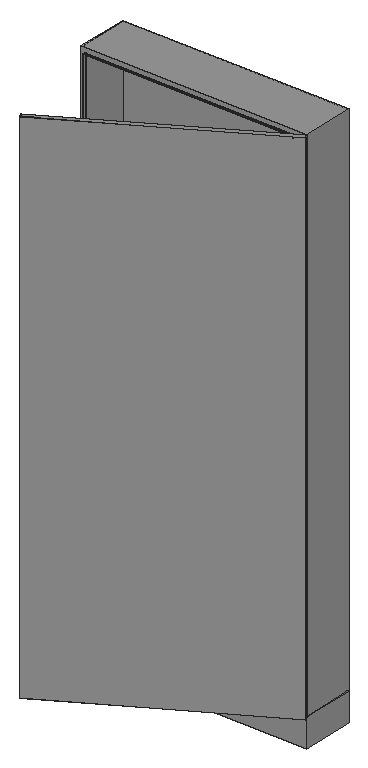
Revit family "Hager-Univers-IP44-D205-H1950-Cl.II-Encl-NoHosted-BE-en", category Equipement électrique, Revit 2020
Family settings
  Configuration du panneau = Deux colonnes, circuits au sein
  Cote de connecteur circulaire = Utiliser le diamètre
  Type d'élément = Tableau de raccordement
  Basée sur le plan de construction = Oui
  Toujours verticalement = Oui
  Couper avec des vides une fois chargée = Non
  Partagée = Non
  Point de calcul de pièce = Non
Parameters (values of type "Floor installation IP44 W800 H1950 D205  - FP23SN2")
  Width Control [instance] = if([EF000008 - Width] > Min Width, [EF000008 - Width], Min Width)  # 800 mm
  Commentaires du type = [HG000003 - Range]  # "Univers"
  Thickness Door [instance] = if([EF009171 - Material plate thickness door/cover] > 3 mm, 3 mm, [EF009171 - Material plate thickness door/cover])  # 1 mm
  Seal Frame Offset [instance] = 17 mm  # constant formula
  Plinth Visibility [instance] = [HG000027 - Plinth height] > 0 mm  # yes
  Min Width [instance] = 100 mm  # constant formula
  Min Depth [instance] = (2 * [EF009170 - Material plate thickness cabinet]) + 1 mm  # 3 mm
  Min Height [instance] = 100 mm  # constant formula
  Internal Frame Depth [instance] = (Door System Depth * 0.5)  # 9 mm
  Panel Name [instance] = ""  # (empty or 0)
  Model = ""
  HG000027 - Plinth height = 100 mm
  HG000026 - Floor standing = yes
  HG000024 - Bottom section height = 600 mm
  HG000023 - Double section enclosure = no
  HG000016 - Door 3d visibility [instance] = yes
  HG000015 - Clearance visibility [instance] = no
  HG000014 - Door on the right [instance] = yes
  HG000013 - Door on the left [instance] = not([HG000014 - Door on the right])  # no
  HG000012 - Door swing angle [instance] = 30.00°
  HG000010 - Asymmetric doors = no
  HG000009 - Double swing door = no
  HG000006 - Flush mounted = no
  HG000004 - Manufacturer reference = "FP23SN2"
  HG000003 - Range = "Univers"
  HG000002 - With door or cover = yes
  Frame Offset Bottom [instance] = 10 mm  # constant formula
  Frame Offset [instance] = 15 mm  # constant formula
  EF015940 - Cover with overpressure release = no
  EF011959 - Degree of protection (NEMA) = ""
  EF009554 - Number of openings for flange plates = 6
  EF009212 - Cover model = "EV000116 - Closed"
  EF009171 - Material plate thickness door/cover = 1 mm
  EF009170 - Material plate thickness cabinet = 1 mm
  EF008873 - Nominal current (In) = 400 A
  EF007800 - Suitable for lightning protection = no
  EF006306 - With lock = no
  EF006244 - Transparent cover/door = no
  EF005474 - Degree of protection (IP) = "EV006418 - IP44"
  EF004464 - Type of door = "EV002646 - Single"
  EF004427 - Number of modules = 432
  EF004293 - Impact strength = "EV006815 - IK09"
  EF003532 - Suitable for outdoor use = no
  EF002950 - Width in number of modular spacings = 36
  EF001613 - Circuit integrity = "EV000494 - None"
  EF001596 - Material housing = "EV000179 - Steel"
  EF001131 - Internal depth = 143 mm
  EF001088 - Extension possible = yes
  EF000437 - Number of conduit inlets = 6
  EF000339 - Type of cover = "EV001012 - Cover"
  EF000266 - Number of rows = 12
  EF000218 - Built-in depth = 0 mm
  EF000118 - With mounting plate = no
  EF000116 - RAL-number = "9010"
  EF000049 - Depth = 205 mm
  EF000040 - Height = 1950 mm
  EF000008 - Width = 800 mm
  EF000007 - Colour = "EV000202 - White"
  EF000003 - Mounting method = "EV012274 - Floor installation"
  Door System Leaf Tolerance [instance] = 1.5 mm  # constant formula
  Door System Depth [instance] = 18 mm  # constant formula
  Door Height [instance] = Height Control - [HG000027 - Plinth height]  # 1850 mm
  Description = ""
  Default Elevation = 1219.2 mm
  Connector Offset [instance] = Height Control / 2  # 975 mm
  Fabricant = "Hager"  # constant formula
  Height Control [instance] = if([EF000040 - Height] > Min Height, [EF000040 - Height], Min Height)  # 1950 mm
  Depth Control [instance] = if([EF000049 - Depth] > Min Depth, [EF000049 - Depth], Min Depth)  # 205 mm
  Bottom Top Plate Trim [instance] = 1.5 mm  # constant formula
  Plinth height Ctrl [instance] = if([HG000027 - Plinth height] > 0 mm, [HG000027 - Plinth height], 12 mm)  # 100 mm
Types (5, lengths in mm): name | Width Control | HG000010 - Asymmetric doors | HG000009 - Double swing door | HG000004 - Manufacturer reference | EF009554 - Number of openings for flange plates | EF008873 - Nominal current (In) | EF004464 - Type of door | EF004427 - Number of modules | EF002950 - Width in number of modular spacings | EF000437 - Number of conduit inlets | EF000008 - Width
  Floor installation IP44 W1050 H1950 D205  - FP24SN2 | 1050 | no | yes | "FP24SN2" | 8 | 400 A | "EV003602 - Double" | 576 | 48 | 8 | 1050
  Floor installation IP44 W1300 H1950 D205  - FP25SN2 | 1300 | yes | yes | "FP25SN2" | 10 | 400 A | "EV003602 - Double" | 720 | 60 | 10 | 1300
  Floor installation IP44 W300 H1950 D205  - FP21SN2 | 300 | no | no | "FP21SN2" | 2 | 250 A | "EV002646 - Single" | 144 | 12 | 2 | 300
  Floor installation IP44 W550 H1950 D205  - FP22SN2 | 550 | no | no | "FP22SN2" | 4 | 400 A | "EV002646 - Single" | 288 | 24 | 4 | 550
  Floor installation IP44 W800 H1950 D205  - FP23SN2 | 800 | no | no | "FP23SN2" | 6 | 400 A | "EV002646 - Single" | 432 | 36 | 6 | 800
Reference planes
  plane 1 "Center (Front/Back)": y = 0
  plane 2: z = 0
  plane 3 "Center (Left/Right)": x = 0
  plane 4: y = 0
  plane 5: y = 0
  plane 6: z = 0
  plane 7: x = -400
  plane 8: x = 400
  plane 9: x = 399
  plane 10: x = -399
  plane 11: z = 100
  plane 12: z = 101
  plane 13: y = -205
  plane 14: y = -1
  plane 15: x = 0
  plane 16: y = -187
  plane 17: y = -204
  plane 18: y = -186
  plane 19: x = -384
  plane 20: x = 384
  plane 21: z = 111
  plane 22: x = -383
  plane 23: x = 383
  plane 24: z = 100
  plane 25: z = 1950
  plane 26: z = 1950
  plane 27: z = 1934
  plane 28: z = 1949
Forms (mm)
  Extrusion 1, solid, material "Hager_Steel_RAL7035_Light_Grey", detail levels medium+fine
    sketch origin (-208.679, -4572, 100) x (-1, 0, 0) y (0, -1, 0)
      loop
        line (191.321, -4385) -> (-608.679, -4385) -> (-608.679, -4572) -> (191.321, -4572) -> (191.321, -4385)
    from 0 to 1850
  Extrusion 2, void
    sketch origin (-350.771, -205, 1219.2) x (1, 0, 0) y (0, 0, 1)
      loop
        line (-48.229, 729.8) -> (-48.229, -1118.2) -> (749.771, -1118.2) -> (749.771, 729.8) -> (-48.229, 729.8)
    from -19 to -204
  Extrusion 3, void
    sketch origin (-290.084, -187, 1219.2) x (1, 0, 0) y (0, 0, 1)
      loop
        line (-93.916, -1108.2) -> (674.084, -1108.2) -> (674.084, 714.8) -> (-93.916, 714.8) -> (-93.916, -1108.2)
    from 0 to -1
  Extrusion 4, solid, material "Hager_Steel_RAL7035_Light_Grey", visible <- "Plinth Visibility", detail levels medium+fine
    sketch origin (0, 0, 0) x (1, 0, 0) y (0, 1, 0)
      loop
        line (-400, 0) -> (-400, -187) -> (400, -187) -> (400, 0) -> (-400, 0)
    from 0 to 100 <- "Plinth height Ctrl"
  Extrusion 5, solid, material "Hager_Steel_RAL7035_Light_Grey", detail levels coarse
    sketch origin (0, 0, 0) x (1, 0, 0) y (0, 1, 0)
      loop
        line (-400, 0) -> (-400, -205) -> (400, -205) -> (400, 0) -> (-400, 0)
    from 0 to 1950 <- "Height Control"
  Sweep 6, void
    path in 3D
      loop
        line (-400, -187, 100) -> (400, -187, 100) -> (400, 0, 100) -> (-400, 0, 100) -> (-400, -187, 100)
    profile origin (-400, -93.5, 100) x (1, 0, 0) y (0, 0, 1)
      loop
        line (0, 0) -> (0, -1.5) -> (1.5, -1.5)
        arc (1.5, -1.5) -> (1.061, -0.439) -> (0, 0) r 1.5
  Extrusion 7, solid, material "Hager_Steel_RAL7035_Light_Grey", detail levels fine
    sketch origin (-400, -187, 100) x (1, 0, 0) y (0, 0, 1)
      loop
        line (16, 11) -> (784, 11) -> (784, 1834) -> (16, 1834) -> (16, 11)
      loop
        line (15, 10) -> (785, 10) -> (785, 1835) -> (15, 1835) -> (15, 10)
    from 0 to 9 <- "Internal Frame Depth"
Cuts and joins
  Extrusion 2, Extrusion 3 cuts Extrusion 1
  Sweep 6 cuts Extrusion 4
Lines and regions (mm)
  Masking region 1
    outline origin (0, 0, 0) x (1, 0, 0) y (0, 1, 0)
      loop
        line (-400, 0) -> (-400, -205) -> (400, -205) -> (400, 0) -> (-400, 0)
  Masking region 2, detail levels coarse
    outline origin (-290.084, -187, 1219.2) x (-1, 0, 0) y (0, 0, 1)
      loop
        line (-690.084, -1219.2) -> (109.916, -1219.2) -> (109.916, 730.8) -> (-690.084, 730.8) -> (-690.084, -1219.2)
  Masking region 3, detail levels coarse
    outline origin (0, 0, 0) x (0, 1, 0) y (0, 0, 1)
      loop
        line (0, 0) -> (0, 1950) -> (-205, 1950) -> (-205, 0) -> (0, 0)
  Masking region 4, visible <- "Plinth Visibility", detail levels medium+fine
    outline origin (0, 0, 0) x (0, 1, 0) y (0, 0, 1)
      loop
        line (-1.5, 100) -> (-185.5, 100)
        arc (-185.5, 100) -> (-185.939, 98.939) -> (-187, 98.5) r 1.5
        line (-187, 98.5) -> (-187, 0) -> (0, 0) -> (0, 98.5)
        arc (0, 98.5) -> (-1.061, 98.939) -> (-1.5, 100) r 1.5
  Masking region 5, detail levels medium+fine
    outline origin (0, 0, 594.038) x (0, 1, 0) y (0, 0, 1)
      loop
        line (0, -494.038) -> (0, 1355.962) -> (-187, 1355.962) -> (-187, -494.038) -> (0, -494.038)
  Masking region 6, detail levels medium+fine
    outline origin (-359.7, -187, 1211.883) x (-1, 0, 0) y (0, 0, 1)
      loop
        line (-759.7, -1111.883) -> (40.3, -1111.883) -> (40.3, 738.117) -> (-759.7, 738.117) -> (-759.7, -1111.883)
  Masking region 7, visible <- "Plinth Visibility", detail levels medium+fine
    outline origin (-320.334, -187, 1041.368) x (-1, 0, 0) y (0, 0, 1)
      loop
        line (-720.334, -1041.368) -> (79.666, -1041.368) -> (79.666, -942.868)
        arc (79.666, -942.868) -> (78.606, -942.429) -> (78.166, -941.368) r 1.5
        line (78.166, -941.368) -> (-718.834, -941.368)
        arc (-718.834, -941.368) -> (-719.273, -942.429) -> (-720.334, -942.868) r 1.5
        line (-720.334, -942.868) -> (-720.334, -1041.368)
  sketch lines
    curve 1: line (-400, 0, 100) -> (-400, -187, 100)
    curve 2: line (-400, -187, 100) -> (400, -187, 100)
    curve 3: line (400, 0, 100) -> (-400, 0, 100)
    curve 4: line (400, -187, 100) -> (400, 0, 100)
Dimensions and locks
  locked: plane 1 "Center (Front/Back)" to plane 5
  "EF009170 - Material plate thickness cabinet": plane 7 to plane 10
  "EF009170 - Material plate thickness cabinet": plane 8 to plane 9
  equal spacing: plane 7, plane 3 "Center (Left/Right)", plane 8
  "Width Control": plane 7 to plane 8
  "Depth Control": plane 4 to plane 13
  "EF009170 - Material plate thickness cabinet": plane 4 to plane 14
  "Height Control": plane 25 to level
  "HG000027 - Plinth height": plane 11 to level
  "EF009170 - Material plate thickness cabinet": plane 12 to plane 11
  "EF009170 - Material plate thickness cabinet": plane 17 to plane 13
  "EF009170 - Material plate thickness cabinet": plane 18 to plane 16
  "Frame Offset Bottom": plane 21 to plane 12
  "Frame Offset": plane 10 to plane 19
  "Frame Offset": plane 9 to plane 20
  "Door System Depth": plane 16 to plane 13
  "Seal Frame Offset": plane 7 to plane 22
  "Seal Frame Offset": plane 8 to plane 23
  "EF009170 - Material plate thickness cabinet": plane 26 to plane 28
  "Frame Offset": plane 28 to plane 27
  "Connector Offset": plane 2 to connector elem
  "Bottom Top Plate Trim": profile plane to Sweep 6 sketch curve
  "Bottom Top Plate Trim": Sweep 6 sketch curve to Sweep 6 sketch curve
  "Plinth height Ctrl": Masking region 4 sketch curve to level
  "Plinth height Ctrl": Masking region 7 sketch curve to level
  "Thickness Door": Extrusion 7 sketch curve to Extrusion 7 sketch curve  (x4)
  "Bottom Top Plate Trim": radius of Sweep 6 sketch curve
  "Bottom Top Plate Trim": radius of Masking region 4 sketch curve  (x2)
  "Bottom Top Plate Trim": radius of Masking region 7 sketch curve  (x2)
  aligned and locked: Extrusion 2 sketch curve to plane 12
  aligned and locked: Extrusion 2 sketch curve to plane 9
  aligned and locked: Extrusion 2 sketch curve to plane 10
  aligned and locked: Extrusion 2 to plane 14
  aligned and locked: Extrusion 1 sketch curve to plane 4
  aligned and locked: plane 8 to Extrusion 1 sketch curve
  aligned and locked: plane 7 to Extrusion 1 sketch curve
  aligned and locked: Extrusion 2 to plane 18
  aligned and locked: Extrusion 3 sketch curve to plane 19
  aligned and locked: plane 20 to Extrusion 3 sketch curve
  aligned and locked: Extrusion 3 to Extrusion 2
  aligned and locked: Extrusion 3 sketch curve to plane 21
  aligned and locked: plane 3 "Center (Left/Right)" to nested 1
  aligned and locked: Extrusion 1 sketch curve to plane 16
  aligned and locked: Extrusion 4 sketch curve to cut or joined group of Extrusion 1, Extrusion 2, Extrusion 3
  aligned and locked: Masking region 1 sketch curve to plane 7
  aligned and locked: Masking region 1 sketch curve to plane 5
  aligned and locked: Masking region 1 sketch curve to plane 8
  aligned and locked: Masking region 2 sketch curve to level
  aligned and locked: level to Masking region 3 sketch curve
  aligned and locked: plane 1 "Center (Front/Back)" to Masking region 3 sketch curve
  aligned and locked: plane 13 to Masking region 3 sketch curve
  aligned and locked: plane 5 to Masking region 4 sketch curve
  aligned and locked: Masking region 2 sketch curve to plane 8
  aligned and locked: Masking region 2 sketch curve to plane 7
  aligned and locked: plane 7 to nested 2
  aligned and locked: nested 2 to plane 5
  aligned and locked: plane 5 to Masking region 5 sketch curve
  aligned and locked: plane 26 to Masking region 5 sketch curve
  aligned and locked: Extrusion 5 sketch curve to plane 8
  aligned and locked: Extrusion 5 sketch curve to plane 7
  aligned and locked: Extrusion 5 sketch curve to plane 5
  aligned and locked: Extrusion 3 sketch curve to plane 27
  aligned and locked: Extrusion 2 sketch curve to plane 28
  aligned and locked: Masking region 2 to plane 25
  aligned and locked: Extrusion 4 to plane 16
  aligned and locked: profile plane to Sweep 6 sketch curve
  aligned and locked: Masking region 5 sketch curve to plane 24
  aligned and locked: level to Masking region 4 sketch curve
  aligned and locked: Masking region 1 to plane 13
  aligned and locked: nested 1 to plane 16
  aligned and locked: Masking region 3 to plane 25
  aligned and locked: plane 16 to Masking region 4 sketch curve
  aligned and locked: Masking region 5 sketch curve to plane 16
  aligned and locked: plane 24 to plane 11
  aligned and locked: plane 26 to plane 25
  aligned and locked: plane 26 to cut or joined group of Extrusion 1, Extrusion 2, Extrusion 3
  aligned and locked: nested 1 to plane 24
  aligned and locked: Extrusion 1 to Extrusion 3
  aligned and locked: Masking region 6 sketch curve to plane 8
  aligned and locked: Masking region 6 sketch curve to plane 24
  aligned and locked: Masking region 6 sketch curve to plane 7
  aligned and locked: Masking region 6 sketch curve to plane 26
  aligned and locked: Masking region 7 sketch curve to plane 7
  aligned and locked: level to Masking region 7 sketch curve
  aligned and locked: Masking region 7 sketch curve to plane 8
  aligned and locked: Extrusion 7 sketch curve to cut or joined group of Extrusion 1, Extrusion 2, Extrusion 3  (x4)
Automatic sketch dimensions
  plane 19 to Extrusion 3 sketch curve = 0 mm
  Extrusion 3 sketch curve to plane 20 = 0 mm
  Extrusion 3 sketch curve to plane 21 = 0 mm
  Extrusion 4 sketch curve to plane 7 = 0 mm
  Extrusion 4 sketch curve to plane 8 = 0 mm
  Extrusion 4 sketch curve to plane 16 = 0 mm
  Masking region 1 sketch curve to plane 13 = 0 mm
  Masking region 2 sketch curve to plane 25 = 0 mm
  Masking region 3 sketch curve to plane 25 = 0 mm
  Extrusion 5 sketch curve to plane 13 = 0 mm
  profile plane to Sweep 6 sketch curve = 0 mm
Nested families
  nested 1: "EC000058_Univers_Door" at (0, -187, 100), Double <- "HG000009 - Double swing door", Transparent <- "EF006244 - Transparent cover/door", Angle <- "HG000012 - Door swing angle", Door_Right <- "HG000014 - Door on the right", Assymetrical <- "HG000010 - Asymmetric doors", Door <- "HG000002 - With door or cover", Width_Ctrl <- "Width Control", 3d_Door <- "HG000016 - Door 3d visibility", Clearance <- "HG000015 - Clearance visibility", Door_Left <- "HG000013 - Door on the left", Width <- "Width Control", Door_Depth <- "Door System Depth", Leaf_Tolerance <- "Door System Leaf Tolerance", Height <- "Door Height", Lock_Visibility <- "EF006306 - With lock", Thickness <- "Thickness Door", type "EC000058_Univers_Door", detail levels medium+fine
    with min_wh 3 mm, Width_Ctrl 800 mm, Width 800 mm, Transparent no, Thickness 1 mm, Seal_Material Hager_Rubber, Lock_Visibility no, Lock_Material Hager_Plastic_RAL9005_Jet_Black, Leaf_Width 800 mm, Leaf_Tolerance_External_Sides 0 mm, Leaf_Tolerance 1.5 mm, Leaf_Offset 0 mm, Leaf_Height 1847 mm, Leaf_2_Width 800 mm, Leaf_2_Offset 400 mm, Leaf_1_Width 800 mm, Leaf_1_Offset 400 mm, Height_Ctrl 1850 mm, Height 1850 mm, Glass_Material Hager_Glass, Double_Clearance_Ctrl no, Double no, Door_Right_Ctrl yes, Door_Right yes, Door_Material Hager_Steel_RAL7035_Light_Grey, Door_Left_Ctrl no, Door_Left no, Door_Depth 18 mm, Door yes, Clearance_Material Hager_Clearance, Clearance_Depth 800 mm, Clearance_Ctrl no, Clearance no, Assymetrical no, Angle 30.00°, 3d_Door yes
  nested 2: "Hager_Enclosure_Symbol" at (-400, 0, 0), Height <- "Depth Control", Width <- "Width Control", type "Hager_Enclosure_Symbol"
    with Width_Ctrl 800 mm, Width 800 mm, Height_Ctrl 205 mm, Height 205 mm, A_Width_Int 13.453 mm, A_Width 161.438 mm, A_Height_Ctrl 179.375 mm, A_Height 179.375 mm
Connectors
  electrical at (0, 0, 975)
    settings: on plane 1 "Center (Front/Back)", index 1, voltage 0 V, apparent load 0 VA, apparent load phase1 0 VA, apparent load phase2 0 VA, apparent load phase3 0 VA, power factor 1, load classification "Other", number of poles 1, system type 30, power factor state 1, is connector primary yes, connector utility no, sub classification motor no, connector description ""
Definition of nested family "EC000058_Univers_Door"
  Parameters (values of type "EC000058_Univers_Door")
    min_wh [instance] = (2 * Thickness) + 1 mm  # 11 mm
    Width_Ctrl [instance] = 400 mm
    Width [instance] = 500 mm
    Transparent [instance] = yes
    Thickness [instance] = 5 mm
    Seal_Material [instance] = none
    Lock_Visibility [instance] = yes
    Lock_Material [instance] = none
    Leaf_Width [instance] = if((Width_Ctrl - 2 * Leaf_Tolerance_External_Sides) > 0 mm, (Width_Ctrl - 2 * Leaf_Tolerance_External_Sides), min_wh)  # 400 mm
    Leaf_Tolerance_External_Sides [instance] = 0 mm  # constant formula
    Leaf_Tolerance [instance] = 1.5 mm
    Leaf_Offset [instance] = 0 mm  # constant formula
    Leaf_Height [instance] = if((Height_Ctrl - 2 * Leaf_Tolerance) > 0 mm, (Height_Ctrl - 2 * Leaf_Tolerance), min_wh)  # 497 mm
    Leaf_2_Width [instance] = if(and(and(Double, Assymetrical), Door_Left), (Leaf_Width / 3) - (Leaf_Tolerance / 2), if(and(and(Double, Assymetrical), Door_Right), (Leaf_Width / 3) * 2 - (Leaf_Tolerance / 2), if(and(Double, not(Assymetrical)), (Leaf_Width / 2) - Leaf_Tolerance, Leaf_Width)))  # 400 mm
    Leaf_2_Offset [instance] = if(and(Double, Assymetrical), Leaf_2_Width / 2, if(and(Double, not(Assymetrical)), Leaf_Width / 4, Leaf_Width / 2))  # 200 mm
    Leaf_1_Width [instance] = if(and(and(Double, Assymetrical), Door_Right), (Leaf_Width / 3) - (Leaf_Tolerance / 2), if(and(and(Double, Assymetrical), Door_Left), (Width / 3) * 2 - (Leaf_Tolerance / 2), if(and(Double, not(Assymetrical)), (Leaf_Width / 2) - Leaf_Tolerance, Leaf_Width)))  # 400 mm
    Leaf_1_Offset [instance] = if(and(Double, Assymetrical), Leaf_1_Width / 2, if(and(Double, not(Assymetrical)), Leaf_Width / 4, Leaf_Width / 2))  # 200 mm
    Height_Ctrl [instance] = if(Height > min_wh, Height, min_wh)  # 500 mm
    Height [instance] = 500 mm
    Glass_Material [instance] = none
    Double_Clearance_Ctrl [instance] = and(Double, Clearance)  # no
    Double [instance] = no
    Door_Right_Ctrl [instance] = and(or(Door_Right, Double), Door)  # yes
    Door_Right [instance] = yes
    Door_Material [instance] = none
    Door_Left_Ctrl [instance] = and(or(Door_Left, Double), Door)  # no
    Door_Left [instance] = no
    Door_Depth [instance] = 30 mm
    Door [instance] = yes
    Default Elevation = 1219.2 mm
    Clearance_Material [instance] = none
    Clearance_Depth [instance] = if(Leaf_1_Width > Leaf_2_Width, Leaf_1_Width, Leaf_2_Width)  # 400 mm
    Clearance_Ctrl [instance] = and(not(Double), Clearance)  # yes
    Clearance [instance] = yes
    Assymetrical [instance] = yes
    Angle [instance] = 30.00°
    3d_Door [instance] = yes
  Reference planes
    plane 1 "Center (Front/Back)": y = 0
    plane 2 "Bottom": z = 0
    plane 3 "Center (Left/Right)": x = 0
    plane 4: z = 500
    plane 5: x = -200
    plane 6: x = 200
    plane 7: z = 500
    plane 8: x = -200
    plane 9: z = 0
    plane 10: x = 200
    plane 11: y = 0
    plane 12: z = 1.5
    plane 13: x = -600
    plane 14: y = -400
    plane 15: x = 600
    plane 16: x = 0
    plane 17: x = 0
    plane 18: x = -200
    plane 19: x = 200
    plane 20: z = 498.5
  Forms (mm)
    Extrusion 1, solid, material <- "Clearance_Material", visible <- "Double_Clearance_Ctrl"
      sketch origin (1200, 0, 0) x (1, 0, 0) y (0, 0, -1)
        loop
          line (-1800, -498.5) -> (-600, -498.5) -> (-600, 0) -> (-1800, 0) -> (-1800, -498.5)
      from 0 to -400
  Dimensions and locks
    equal spacing: plane 5, plane 3 "Center (Left/Right)", plane 6
    "Width_Ctrl": plane 5 to plane 6
    "Leaf_Offset": plane 5 to plane 8
    "Leaf_Offset": plane 6 to plane 10
    "Leaf_Offset": plane 9 to level
    "Leaf_Offset": plane 4 to plane 7
    "Height_Ctrl": plane 4 to level
    "Leaf_Tolerance": plane 12 to plane 9
    locked: plane 11 to plane 1 "Center (Front/Back)"
    "Leaf_1_Offset": plane 18 to plane 16
    "Leaf_2_Offset": plane 17 to plane 19
    "Leaf_1_Width": plane 13 to plane 8
    "Leaf_2_Width": plane 10 to plane 15
    "Clearance_Depth": plane 14 to plane 1 "Center (Front/Back)"
    "Leaf_Tolerance_External_Sides": plane 8 to plane 18
    "Leaf_Tolerance_External_Sides": plane 19 to plane 10
    "Leaf_Tolerance": plane 7 to plane 20
    aligned and locked: level to plane 2 "Bottom"
    aligned and locked: nested 1 to plane 16
    aligned and locked: nested 2 to plane 17
    aligned and locked: Extrusion 1 to plane 13
    aligned and locked: plane 15 to Extrusion 1
    aligned and locked: Extrusion 1 to plane 14
    aligned and locked: plane 12 to nested 1
    aligned and locked: nested 2 to plane 12
    aligned and locked: Extrusion 1 to plane 11
    aligned and locked: plane 20 to Extrusion 1
    aligned and locked: nested 2 to plane 11
    aligned and locked: nested 1 to plane 11
  Automatic sketch dimensions
    Extrusion 1 sketch curve to level = 0 mm
    plane 5 to Extrusion 1 sketch curve = 400 mm
    plane 6 to Extrusion 1 sketch curve = 400 mm
    Extrusion 1 sketch curve to plane 4 = 1.5 mm
  Nested families
    nested 1: "EC000058_Univers_Door_Leaf" at (0, 0, 1.5), Width <- "Leaf_1_Width", visible <- "Door_Left_Ctrl", Leaf_Height <- "Leaf_Height", Angle <- "Angle", 3d_Door <- "3d_Door", Transparent <- "Transparent", Clearance Material <- "Clearance_Material", Clearance <- "Clearance_Ctrl", Door_Material <- "Door_Material", Glass_Material <- "Glass_Material", Door_Depth <- "Door_Depth", Lock_Material <- "Lock_Material", Seal_Material <- "Seal_Material", Lock_Visibility <- "Lock_Visibility", Thickness <- "Thickness", type "EC000058_Univers_Door_Leaf"
      with Width 400 mm, Transparent_Glass_Offset 30 mm, Transparent_Ctrl yes, Transparent yes, Thickness 5 mm, Standard no, Seal_Material none, Seal_D2 8 mm, Seal_D1 1 mm, Offset_Internal_Frame 10 mm, Lock_Width 20 mm, Lock_Visibility_3d yes, Lock_Visibility yes, Lock_Thickness_3 3 mm, Lock_Thickness_2 1 mm, Lock_Thickness_1 3 mm, Lock_Radius_Offset_2 16 mm, Lock_Radius_Offset_1 15 mm, Lock_Radius_2 5 mm, Lock_Radius 6 mm, Lock_Offset 5 mm, Lock_Material none, Lock_Height 80 mm, Lock_Cover_Top_Offset_2d 17 mm, Lock_Cover_Height -65 mm, Leaf_Height 497 mm, Internal_Seal_Thickness 8 mm, Internal_Seal_Depth_2 4.5 mm, Internal_Frame_Depth 25 mm, Glass_Thickness -1 mm, Glass_Offset -2 mm, Glass_Material none, Door_Material none, Door_Depth 30 mm, Clearance Material none, Clearance yes, Angle_Ctrl 30.00°, Angle 30.00°, 3d_Door yes
    nested 2: "EC000058_Univers_Door_Leaf" at (0, 0, 1.5) x (-1, 0, 0) z (0, 0, 1), Width <- "Leaf_2_Width", visible <- "Door_Right_Ctrl", Leaf_Height <- "Leaf_Height", Angle <- "Angle", 3d_Door <- "3d_Door", Transparent <- "Transparent", Clearance Material <- "Clearance_Material", Clearance <- "Clearance_Ctrl", Door_Material <- "Door_Material", Glass_Material <- "Glass_Material", Door_Depth <- "Door_Depth", Lock_Material <- "Lock_Material", Seal_Material <- "Seal_Material", Lock_Visibility <- "Lock_Visibility", Thickness <- "Thickness", type "EC000058_Univers_Door_Leaf"
      with Width 400 mm, Transparent_Glass_Offset 30 mm, Transparent_Ctrl yes, Transparent yes, Thickness 5 mm, Standard no, Seal_Material none, Seal_D2 8 mm, Seal_D1 1 mm, Offset_Internal_Frame 10 mm, Lock_Width 20 mm, Lock_Visibility_3d yes, Lock_Visibility yes, Lock_Thickness_3 3 mm, Lock_Thickness_2 1 mm, Lock_Thickness_1 3 mm, Lock_Radius_Offset_2 16 mm, Lock_Radius_Offset_1 15 mm, Lock_Radius_2 5 mm, Lock_Radius 6 mm, Lock_Offset 5 mm, Lock_Material none, Lock_Height 80 mm, Lock_Cover_Top_Offset_2d 17 mm, Lock_Cover_Height -65 mm, Leaf_Height 497 mm, Internal_Seal_Thickness 8 mm, Internal_Seal_Depth_2 4.5 mm, Internal_Frame_Depth 25 mm, Glass_Thickness -1 mm, Glass_Offset -2 mm, Glass_Material none, Door_Material none, Door_Depth 30 mm, Clearance Material none, Clearance yes, Angle_Ctrl 30.00°, Angle 30.00°, 3d_Door yes
  Definition of nested family "EC000058_Univers_Door_Leaf"
    Parameters (values of type "EC000058_Univers_Door_Leaf")
      Width [instance] = 2000 mm
      Transparent_Glass_Offset [instance] = 30 mm
      Transparent_Ctrl [instance] = and(Transparent, [3d_Door])  # yes
      Transparent [instance] = yes
      Thickness [instance] = 5 mm
      Standard [instance] = and(not(Transparent), [3d_Door])  # no
      Seal_Material [instance] = none
      Seal_D2 [instance] = 8 mm  # constant formula
      Seal_D1 [instance] = 1 mm  # constant formula
      Offset_Internal_Frame [instance] = 10 mm  # constant formula
      Lock_Width [instance] = 20 mm  # constant formula
      Lock_Visibility_3d [instance] = and(Lock_Visibility, [3d_Door])  # yes
      Lock_Visibility [instance] = yes
      Lock_Thickness_3 [instance] = 3 mm  # constant formula
      Lock_Thickness_2 [instance] = 1 mm  # constant formula
      Lock_Thickness_1 [instance] = 3 mm  # constant formula
      Lock_Radius_Offset_2 [instance] = Lock_Radius_Offset_1 + 1 mm  # 16 mm
      Lock_Radius_Offset_1 [instance] = 15 mm  # constant formula
      Lock_Radius_2 [instance] = Lock_Radius - 1 mm  # 5 mm
      Lock_Radius [instance] = 6 mm  # constant formula
      Lock_Offset [instance] = 5 mm  # constant formula
      Lock_Material [instance] = none
      Lock_Height [instance] = 80 mm  # constant formula
      Lock_Cover_Top_Offset_2d [instance] = Lock_Radius_Offset_2 + 1 mm  # 17 mm
      Lock_Cover_Height [instance] = -(Lock_Height - Lock_Radius_Offset_1)  # -65 mm
      Leaf_Height [instance] = 2720.336 mm
      Internal_Seal_Thickness [instance] = 8 mm  # constant formula
      Internal_Seal_Depth_2 [instance] = 4.5 mm  # constant formula
      Internal_Frame_Depth [instance] = if(Door_Depth - Thickness > 5 mm, Door_Depth - Thickness, 5 mm)  # 25 mm
      Glass_Thickness [instance] = if(Thickness > 15 mm, Glass_Offset + 10 mm, -1 mm)  # -1 mm
      Glass_Offset [instance] = if(Thickness > 15 mm, -(Thickness + 10 mm) / 2, -2 mm)  # -2 mm
      Glass_Material [instance] = none
      Door_Material [instance] = none
      Door_Depth [instance] = 30 mm
      Default Elevation = 0 mm
      Clearance Material [instance] = none
      Clearance [instance] = yes
      Angle_Ctrl [instance] = if(Angle > 180.00°, 180.00°, Angle)  # 90.00°
      Angle [instance] = 90.00°
      3d_Door [instance] = yes
    Reference planes
      plane 1 "Center (Front/Back)": y = 0
      plane 2: z = 0
      plane 3 "Center (Left/Right)": x = 0
      plane 4: y = 2000
      plane 5: x = -1000
      plane 6: x = 1000
      plane 7: x = -3000
      plane 8: z = 2720.336
      plane 9: z = 30
      plane 10: z = 2690.336
      plane 11: x = 970
      plane 12: x = -970
      plane 13: y = -3
      plane 14: z = 107.833
      plane 15: y = -5
      plane 16: y = -223.314
      plane 17: x = -1000
      plane 18: z = 1360.168
      plane 19: y = 30
    Forms (mm)
      Extrusion 1, solid, material <- "Clearance Material", visible <- "Clearance"
        sketch origin (0, 0, 0) x (1, 0, 0) y (0, 0, 1)
          loop
            line (-3000, 2720.336) -> (-3000, 0) -> (1000, 0) -> (1000, 2720.336) -> (-3000, 2720.336)
        from 0 to -2000
      Extrusion 2, solid, material <- "Door_Material", visible <- "Standard", detail levels medium+fine
        sketch origin (-1000, 0, 0) x (0, 1, 0) y (-1, 0, 0)
          loop
            line (0, 30) -> (0, 25) -> (2000, 25) -> (2000, 30) -> (0, 30)
        from 0 to 2720.336 <- "Leaf_Height"
      Extrusion 3, solid, material <- "Door_Material", visible <- "Transparent_Ctrl", detail levels medium+fine
        sketch origin (-1000, 0, 0) x (0, 1, 0) y (-1, 0, 0)
          loop
            line (0, 25) -> (2000, 25) -> (2000, 30) -> (0, 30) -> (0, 25)
        from 0 to 2720.336 <- "Leaf_Height"
      Extrusion 4, void
        sketch origin (-1025, 2000, 0) x (0, 1, 0) y (0, 0, -1)
          loop
            line (-30, -2690.336) -> (-30, -30) -> (-1970, -30) -> (-1970, -2690.336) -> (-30, -2690.336)
        from 0 to 5 <- "Thickness"
      Sweep 5, solid, material <- "Seal_Material", visible <- "Transparent_Ctrl", detail levels fine
        path in 3D
          loop
            line (-1025, 30, 30) -> (-1025, 30, 2690.336) -> (-1025, 1970, 2690.336) -> (-1025, 1970, 30) -> (-1025, 30, 30)
        profile origin (-1025, 1000, 30) x (1, 0, 0) y (0, 0, 1)
          loop
            line (0, 0) -> (0, -8) -> (1, -8) -> (1, 0) -> (0, 0)
      Extrusion 6, solid, material <- "Glass_Material", visible <- "Transparent_Ctrl", detail levels medium+fine
        sketch origin (-1030, 0, 0) x (0, 1, 0) y (0, 0, -1)
          loop
            line (1970, -2690.336) -> (1970, -30) -> (30, -30) -> (30, -2690.336) -> (1970, -2690.336)
        from -2 <- "Glass_Offset" to -1 <- "Glass_Thickness"
      Extrusion 7, solid, material <- "Door_Material", visible <- "3d_Door", detail levels medium+fine
        sketch origin (-1025, 2000, 0) x (0, -1, 0) y (0, 0, -1)
          loop
            line (0, -2720.336) -> (2000, -2720.336) -> (2000, 0) -> (0, 0) -> (0, -2720.336)
          loop
            line (1995, -5) -> (5, -5) -> (5, -2715.336) -> (1995, -2715.336) -> (1995, -5)
        from 0 to 25 <- "Internal_Frame_Depth"
      Sweep 8, solid, material <- "Seal_Material", visible <- "Transparent_Ctrl", detail levels fine
        path in 3D
          loop
            line (-1025, 0, 0) -> (-1025, 2000, 0) -> (-1025, 2000, 2720.336) -> (-1025, 0, 2720.336) -> (-1025, 0, 0)
        profile origin (-1025, 0, 1360.168) x (1, 0, 0) y (0, 1, 0)
          loop
            line (0, 10) -> (2.975, 10)
            arc (2.975, 10) -> (4.053, 10.447) -> (4.5, 11.525) r 1.525
            line (4.5, 11.525) -> (4.5, 16.527)
            arc (4.5, 16.527) -> (4.069, 17.569) -> (3.027, 18) r 1.473
            line (3.027, 18) -> (0, 18) -> (0, 10)
      Extrusion 9, solid, material <- "Lock_Material", visible <- "Lock_Visibility_3d", detail levels fine
        sketch origin (-1030, 0, 0) x (0, 1, 0) y (0, 0, -1)
          loop
            arc (1993.5, -1400.168) -> (1994.561, -1399.729) -> (1995, -1398.668) r 1.5
            line (1995, -1398.668) -> (1995, -1320.168) -> (1975, -1320.168) -> (1975, -1398.668)
            arc (1975, -1398.668) -> (1975.439, -1399.729) -> (1976.5, -1400.168) r 1.5
            line (1976.5, -1400.168) -> (1993.5, -1400.168)
        from 3 <- "Lock_Thickness_1" to 0
      Blend 10, solid, material <- "Lock_Material", visible <- "Lock_Visibility_3d", detail levels fine
        base sketch origin (-1033, 0, 0) x (0, 1, 0) y (0, 0, -1)
          loop
            line (1975, -1320.168) -> (1975, -1398.668)
            arc (1975, -1398.668) -> (1975.439, -1399.729) -> (1976.5, -1400.168) r 1.5
            line (1976.5, -1400.168) -> (1993.5, -1400.168)
            arc (1993.5, -1400.168) -> (1994.561, -1399.729) -> (1995, -1398.668) r 1.5
            line (1995, -1398.668) -> (1995, -1320.168) -> (1975, -1320.168)
        top sketch origin (-1033, 0, 0) x (0, 1, 0) y (0, 0, -1)
          loop
            line (1976, -1320.168) -> (1976, -1398.668)
            arc (1976, -1398.668) -> (1976.146, -1399.022) -> (1976.5, -1399.168) r 0.5
            line (1976.5, -1399.168) -> (1993.5, -1399.168)
            arc (1993.5, -1399.168) -> (1993.854, -1399.022) -> (1994, -1398.668) r 0.5
            line (1994, -1398.668) -> (1994, -1320.168) -> (1976, -1320.168)
        from 0 to 1 <- "Lock_Thickness_2"
      Blend 11, solid, material <- "Lock_Material", visible <- "Lock_Visibility_3d", detail levels fine
        base sketch origin (-1034, 0, 0) x (0, 1, 0) y (0, 0, -1)
          loop
            line (1978, -1320.168) -> (1978, -1384.168)
            arc (1978, -1384.168) -> (1985, -1391.168) -> (1992, -1384.168) r 7
            line (1992, -1384.168) -> (1992, -1320.168) -> (1978, -1320.168)
        top sketch origin (-1034, 0, 0) x (0, 1, 0) y (0, 0, -1)
          loop
            line (1991, -1320.168) -> (1979, -1320.168) -> (1979, -1383.168)
            arc (1979, -1383.168) -> (1985, -1389.168) -> (1991, -1383.168) r 6
            line (1991, -1383.168) -> (1991, -1320.168)
        from 0 to 3 <- "Lock_Thickness_3"
      Extrusion 12, solid, material <- "Lock_Material", visible <- "Lock_Visibility_3d", detail levels fine
        sketch origin (-1030, 1975, 1320.168) x (1, 0, 0) y (0, -1, 0)
          loop
            line (-7, -19) -> (-7, -1) -> (0, -1) -> (0, 0) -> (-8, 0) -> (-8, -20) -> (0, -20) -> (0, -19) -> (-7, -19)
        from 0 to -65 <- "Lock_Cover_Height"
      Extrusion 13, void
        sketch origin (-1038, 1995, 1320.168) x (-1, 0, 0) y (0, 0, -1)
          loop
            line (-5, -65) -> (0, -65) -> (-5, -60) -> (-5, -65)
        from 0 to 20 <- "Lock_Width"
      Extrusion 14, void
        sketch origin (-1038, 1975, 1320.168) x (0, -1, 0) y (0, 0, -1)
          loop
            circle (-10, -15.995) r 6
          loop
            circle (-10, -15.995) r 5
        from 0 to 2
      Extrusion 15, solid, material <- "Lock_Material", visible <- "Lock_Visibility_3d", detail levels medium
        sketch origin (-1030, 0, 0) x (0, 1, 0) y (0, 0, -1)
          loop
            arc (1993.5, -1400.168) -> (1994.561, -1399.729) -> (1995, -1398.668) r 1.5
            line (1995, -1398.668) -> (1995, -1320.168) -> (1975, -1320.168) -> (1975, -1398.668)
            arc (1975, -1398.668) -> (1975.439, -1399.729) -> (1976.5, -1400.168) r 1.5
            line (1976.5, -1400.168) -> (1993.5, -1400.168)
        from 8 to 0
    Cuts and joins
      Extrusion 4 cuts Extrusion 3
      Extrusion 13, Extrusion 14 cuts Extrusion 9
      Extrusion 14 cuts Blend 11
      Extrusion 13, Extrusion 14 cuts Extrusion 12
      joined: Extrusion 9, Blend 10, Blend 11, Extrusion 12
      Extrusion 14 cuts Extrusion 15
    Lines and regions (mm)
      Masking region 1, visible <- "Lock_Visibility", detail levels fine
        outline origin (0, 0, 0) x (0, 1, 0) y (0, 0, 1)
          loop
            line (30, 1320.168) -> (33, 1320.168) -> (33, 1400.168) -> (30, 1400.168) -> (30, 1320.168)
      Masking region 2, visible <- "Lock_Visibility", detail levels fine
        outline origin (0, 3.143, 0) x (0, 1, 0) y (0, 0, 1)
          loop
            line (29.857, 1354.168) -> (30.857, 1354.168) -> (30.857, 1366.168) -> (29.857, 1366.168) -> (29.857, 1354.168)
      Masking region 3, detail levels medium+fine
        outline origin (0, 0, 0) x (0, 1, 0) y (0, 0, 1)
          loop
            line (0, 0) -> (30, 0) -> (30, 2720.336) -> (0, 2720.336) -> (0, 0)
      Masking region 4, detail levels medium+fine
        outline origin (0, 0, 0) x (1, 0, 0) y (0, 0, 1)
          loop
            line (-1000, 2720.336) -> (-1000, 0) -> (1000, 0) -> (1000, 2720.336) -> (-1000, 2720.336)
      Masking region 5, visible <- "Lock_Visibility", detail levels fine
        outline origin (-47.116, 0, 0) x (1, 0, 0) y (0, 0, 1)
          loop
            arc (1024.616, 1399.168) -> (1023.556, 1398.729) -> (1023.116, 1397.668) r 1.5
            line (1023.116, 1397.668) -> (1023.116, 1320.168) -> (1041.116, 1320.168) -> (1041.116, 1397.668)
            arc (1041.116, 1397.668) -> (1040.677, 1398.729) -> (1039.616, 1399.168) r 1.5
            line (1039.616, 1399.168) -> (1024.616, 1399.168)
      Masking region 6, visible <- "Lock_Visibility", detail levels medium+fine
        outline origin (-25, 0, 0) x (1, 0, 0) y (0, 0, 1)
          loop
            arc (1001.5, 1400.168) -> (1000.439, 1399.729) -> (1000, 1398.668) r 1.5
            line (1000, 1398.668) -> (1000, 1320.168) -> (1020, 1320.168) -> (1020, 1398.668)
            arc (1020, 1398.668) -> (1019.561, 1399.729) -> (1018.5, 1400.168) r 1.5
            line (1018.5, 1400.168) -> (1001.5, 1400.168)
      Masking region 7, visible <- "Lock_Visibility", detail levels fine
        outline origin (-73.735, 0, 0) x (1, 0, 0) y (0, 0, 1)
          loop
            line (1051.735, 1382.168) -> (1065.735, 1382.168) -> (1065.735, 1384.168)
            arc (1065.735, 1384.168) -> (1058.735, 1391.168) -> (1051.735, 1384.168) r 7
            line (1051.735, 1384.168) -> (1051.735, 1382.168)
      Masking region 8, visible <- "Lock_Visibility", detail levels fine
        outline origin (-73.735, 0, 0) x (1, 0, 0) y (0, 0, 1)
          loop
            line (1052.735, 1382.168) -> (1064.735, 1382.168) -> (1064.735, 1383.168)
            arc (1064.735, 1383.168) -> (1058.735, 1389.168) -> (1052.735, 1383.168) r 6
            line (1052.735, 1383.168) -> (1052.735, 1382.168)
      Masking region 9, visible <- "Lock_Visibility", detail levels fine
        outline origin (-25, 0, 0) x (1, 0, 0) y (0, 0, 1)
          loop
            line (1020, 1320.168) -> (1020, 1382.168) -> (1000, 1382.168) -> (1000, 1320.168) -> (1020, 1320.168)
      Masking region 10, detail levels medium+fine
        outline origin (0, 0, 0) x (1, 0, 0) y (0, 0, 1)
          loop
            circle (985, 1335.144) r 6
      Masking region 11, detail levels fine
        outline origin (0, 0, 0) x (1, 0, 0) y (0, 0, 1)
          loop
            circle (985, 1335.144) r 5
      Masking region 12, visible <- "Lock_Visibility", detail levels fine
        outline origin (0, 12.767, 0) x (0, 1, 0) y (0, 0, 1)
          loop
            line (20.233, 1320.168) -> (21.233, 1320.168) -> (21.233, 1399.168) -> (20.233, 1400.168) -> (20.233, 1320.168)
      Masking region 13, visible <- "Lock_Visibility", detail levels fine
        outline origin (0, 13.767, -10) x (0, 1, 0) y (0, 0, 1)
          loop
            line (20.233, 1330.168) -> (23.233, 1330.168) -> (23.233, 1399.168) -> (20.233, 1402.168) -> (20.233, 1330.168)
      Masking region 14, visible <- "Lock_Visibility", detail levels fine
        outline origin (0, 12.767, -10) x (0, 1, 0) y (0, 0, 1)
          loop
            line (20.233, 1330.168) -> (25.233, 1330.168) -> (25.233, 1399.305) -> (20.233, 1394.305) -> (20.233, 1330.168)
      Masking region 15, visible <- "Lock_Visibility", detail levels medium
        outline origin (0, 0, 0) x (0, 1, 0) y (0, 0, 1)
          loop
            line (30, 1320.168) -> (38, 1320.168) -> (38, 1400.168) -> (30, 1400.168) -> (30, 1320.168)
      Masking region 16, visible <- "Lock_Visibility", detail levels fine
        outline origin (-1000, 0, 0) x (0, 1, 0) y (-1, 0, 0)
          loop
            line (1975, 30) -> (1995, 30) -> (1995, 38) -> (1975, 38) -> (1975, 30)
          loop
            line (1979, 37) -> (1976, 37) -> (1976, 34) -> (1978, 34) -> (1979, 37)
          loop
            line (1994, 37) -> (1991, 37) -> (1992, 34) -> (1994, 34) -> (1994, 37)
      Masking region 17, visible <- "Lock_Visibility", detail levels medium
        outline origin (-1000, 0, 0) x (0, 1, 0) y (-1, 0, 0)
          loop
            line (1975, 30) -> (1995, 30) -> (1995, 38) -> (1975, 38) -> (1975, 30)
      symbolic lines
        curve 1: line (1000, 0, 0) -> (-3000, 0, 0)
        curve 2: arc (1000, 0, 0) -> (-1000, 2000, 0) -> (-3000, 0, 0) r 2000
        curve 4: line (-1030, 0, 0) -> (-1030, 2000, 0)
      reference lines
        curve 3: line (-1000, 0, 0) -> (-1000, 2000, 0)
      symbolic lines, detail levels medium+fine
        curve 5: line (-1030, 2000, 0) -> (-1025, 2000, 0)
        curve 7: line (-1025, 0, 0) -> (-1030, 0, 0)
        curve 8: line (-1025, 0, 0) -> (-1000, 0, 0)
        curve 9: line (-1000, 0, 0) -> (-1000, 2000, 0)
        curve 10: line (-1000, 2000, 0) -> (-1025, 2000, 0)
      symbolic lines, detail levels fine
        curve 6: line (-1025, 2000, 0) -> (-1025, 0, 0)
      sketch lines
        curve 11: line (-1025, 0, 2720.336) -> (-1025, 0, 0)
        curve 12: line (-1025, 2000, 0) -> (-1025, 0, 0)
        curve 13: line (-1025, 2000, 2720.336) -> (-1025, 2000, 0)
        curve 14: line (-1025, 0, 2720.336) -> (-1025, 2000, 2720.336)
        curve 15: line (-1025, 1970, 30) -> (-1025, 30, 30)
        curve 16: line (-1025, 30, 30) -> (-1025, 30, 2690.336)
        curve 17: line (-1025, 1970, 2690.336) -> (-1025, 1970, 30)
        curve 18: line (-1025, 30, 2690.336) -> (-1025, 1970, 2690.336)
      symbolic lines, visible <- "Transparent", detail levels medium+fine
        curve 19: line (-970, 0, 2690.336) -> (970, 0, 2690.336)
        curve 20: line (-970, 0, 30) -> (-970, 0, 2690.336)
        curve 21: line (970, 0, 30) -> (-970, 0, 30)
        curve 22: line (970, 0, 2690.336) -> (970, 0, 30)
    Dimensions and locks
      "Width": plane 1 "Center (Front/Back)" to plane 4
      equal spacing: plane 5, plane 3 "Center (Left/Right)", plane 6
      "Width": plane 5 to plane 6
      "Width": plane 7 to plane 5
      "Leaf_Height": plane 8 to level
      "Width": curve 5 to curve 3
      "Width": curve 3 to curve 3
      plane 8 to plane 10 = 30 mm
      plane 9 to level = 30 mm
      plane 12 to plane 5 = 30 mm
      plane 6 to plane 11 = 30 mm
      Extrusion 1 to Extrusion 4 sketch curve = 30 mm
      "Transparent_Glass_Offset": curve 3 to Extrusion 4 sketch curve
      "Transparent_Glass_Offset": Extrusion 4 sketch curve to cut or joined group of Extrusion 3, Extrusion 4  (x2)
      cut or joined group of Extrusion 3, Extrusion 4 to Extrusion 6 sketch curve = 30 mm
      "Transparent_Glass_Offset": cut or joined group of Extrusion 3, Extrusion 4 to Extrusion 4 sketch curve
      "Thickness": curve 6 to curve 4
      "Thickness": Extrusion 7 sketch curve to Extrusion 7 sketch curve  (x4)
      "Door_Depth": curve 4 to curve 3
      "Offset_Internal_Frame": profile plane to Sweep 8 sketch curve
      "Internal_Seal_Thickness": Sweep 8 sketch curve to Sweep 8 sketch curve
      "Internal_Seal_Depth_2": profile plane to Sweep 8 sketch curve
      "Seal_D1": profile plane to Sweep 5 sketch curve
      "Seal_D2": profile plane to Sweep 5 sketch curve
      "Thickness": Extrusion 2 sketch curve to Extrusion 2 sketch curve
      equal spacing: Extrusion 9 sketch curve, plane 18, Extrusion 9 sketch curve  (x2)
      equal spacing: Masking region 1 sketch curve, plane 18, Masking region 1 sketch curve
      "Lock_Height": Masking region 1 sketch curve to Masking region 1 sketch curve
      "Lock_Radius": Masking region 2 sketch curve to plane 18 to Masking region 2 sketch curve
      Masking region 2 sketch curve to Masking region 1 = 1 mm
      "Door_Depth": plane 19 to plane 1 "Center (Front/Back)"
      "Lock_Thickness_1": Masking region 1 sketch curve to plane 19
      "Lock_Width": Extrusion 9 sketch curve to Extrusion 9 sketch curve
      "Lock_Height": Extrusion 9 sketch curve to Extrusion 9 sketch curve
      "Lock_Offset": cut or joined group of Extrusion 3, Extrusion 4 to Extrusion 9 sketch curve
      equal spacing: plane 8, plane 18, level
      "Lock_Radius_Offset_1": Blend 11 sketch curve to Blend 10
      locked: Blend 10 to Blend 11 sketch curve at 2  (x2)
      locked: var sketch to Blend 11 sketch curve at 1  (x2)
      "Lock_Radius_Offset_2": Blend 11 sketch curve to Blend 10
      locked: Extrusion 12 sketch curve to Extrusion 12 sketch curve at 1  (x3)
      Masking region 6 sketch curve to Masking region 6 sketch curve = 80 mm
      "Lock_Height": Masking region 6 sketch curve to Masking region 6 sketch curve
      "Lock_Width": Masking region 6 sketch curve to Masking region 6 sketch curve
      locked: Masking region 6 to Masking region 5 sketch curve at 1  (x3)
      locked: Masking region 5 to Masking region 7 sketch curve at 2  (x2)
      "Lock_Radius_Offset_1": Masking region 5 to Masking region 7 sketch curve
      "Lock_Radius_Offset_2": Masking region 5 to Masking region 8 sketch curve
      locked: Masking region 7 to Masking region 8 sketch curve at 1  (x2)
      "Lock_Cover_Top_Offset_2d": Masking region 5 to Masking region 9 sketch curve
      equal spacing: Masking region 9, Masking region 10 sketch curve, Masking region 9
      equal spacing: Masking region 9, Masking region 11 sketch curve, Masking region 9
      Extrusion 15 sketch curve to Extrusion 15 sketch curve = 80 mm
      "Lock_Width": Extrusion 15 sketch curve to Extrusion 15 sketch curve
      "Lock_Height": Extrusion 15 sketch curve to Extrusion 15 sketch curve
      equal spacing: Extrusion 15 sketch curve, plane 18, Extrusion 15 sketch curve
      "Lock_Thickness_3": Masking region 13 sketch curve to Masking region 13 sketch curve
      "Lock_Height": Masking region 12 sketch curve to Masking region 12 sketch curve
      locked: Masking region 13 sketch curve to Masking region 1 at 8
      locked: Masking region 14 sketch curve to Masking region 13 at 1
      locked: Masking region 14 sketch curve to Masking region 1 at 10.863
      "Lock_Height": Masking region 15 sketch curve to Masking region 15 sketch curve
      "Lock_Offset": Extrusion 15 sketch curve to cut or joined group of Extrusion 3, Extrusion 4
      "Lock_Offset": plane 6 to Masking region 6 sketch curve
      radius of Sweep 8 sketch curve = 1.525 mm
      radius of Sweep 8 sketch curve = 1.473 mm
      radius of Extrusion 9 sketch curve = 1.5 mm  (x2)
      "Lock_Radius": radius of Extrusion 14 sketch curve
      "Lock_Radius_2": radius of Extrusion 14 sketch curve
      "Lock_Radius": radius of Masking region 10 sketch curve
      "Lock_Radius_2": radius of Masking region 11 sketch curve
      radius of Extrusion 15 sketch curve = 1.5 mm  (x2)
      "Angle_Ctrl": angle plane 1 "Center (Front/Back)" to curve 3
      locked: Masking region 12 sketch curve to Masking region 12 sketch curve (angle 45.00°)
      locked: Masking region 13 sketch curve to Masking region 13 sketch curve (angle 45.00°)
      locked: Masking region 14 sketch curve to Masking region 14 sketch curve (angle 45.00°)
      aligned and locked: level to plane 2
      aligned and locked: Extrusion 1 to curve 1
      aligned and locked: plane 6 to Extrusion 1
      aligned and locked: Extrusion 1 to plane 1 "Center (Front/Back)"
      aligned and locked: plane 4 to Extrusion 1
      aligned and locked: plane 8 to Extrusion 1
      aligned and locked: curve 7 to Extrusion 2 sketch curve
      aligned and locked: curve 5 to Extrusion 2 sketch curve
      aligned and locked: curve 7 to Extrusion 3 sketch curve
      aligned and locked: Extrusion 3 sketch curve to curve 4
      aligned and locked: Extrusion 3 sketch curve to curve 6
      aligned and locked: Extrusion 3 sketch curve to curve 5
      aligned and locked: curve 9 to curve 3
      aligned and locked: Extrusion 7 sketch curve to cut or joined group of Extrusion 3, Extrusion 4  (x4)
      aligned and locked: plane 17 to curve 3
      aligned and locked: plane 1 "Center (Front/Back)" to curve 3
      aligned and locked: plane 17 to plane 5
      aligned and locked: Sweep 8 sketch curve to profile plane
      aligned and locked: Sweep 5 sketch curve to profile plane  (x2)
      aligned and locked: Masking region 1 to Masking region 2 sketch curve
      aligned and locked: plane 19 to Masking region 1 sketch curve
      aligned and locked: plane 1 "Center (Front/Back)" to Masking region 3 sketch curve
      aligned and locked: plane 19 to Masking region 3 sketch curve
      aligned and locked: level to Masking region 3 sketch curve
      aligned and locked: Masking region 3 sketch curve to plane 8
      aligned and locked: plane 17 to Masking region 4 sketch curve
      aligned and locked: level to Masking region 4 sketch curve
      aligned and locked: Masking region 4 sketch curve to plane 8
      aligned and locked: plane 12 to curve 20
      aligned and locked: plane 10 to curve 19
      aligned and locked: plane 11 to curve 22
      aligned and locked: curve 21 to plane 9
      aligned and locked: Extrusion 2 sketch curve to cut or joined group of Extrusion 3, Extrusion 4
      aligned and locked: Blend 10 sketch curve to Extrusion 9  (x4)
      aligned and locked: Extrusion 9 to Blend 10 sketch curve
      aligned and locked: Blend 10 to Blend 11 sketch curve
      aligned and locked: Extrusion 12 sketch curve to Blend 11
      aligned and locked: Extrusion 12 sketch curve to Extrusion 9  (x4)
      aligned and locked: Masking region 5 sketch curve to Masking region 6
      aligned and locked: Masking region 9 sketch curve to Masking region 6  (x3)
      aligned and locked: Masking region 12 sketch curve to Masking region 1
      aligned and locked: Masking region 13 sketch curve to Masking region 1
      aligned and locked: Masking region 12 to Masking region 14
      aligned and locked: Masking region 14 sketch curve to Masking region 1
      aligned and locked: Masking region 15 sketch curve to Masking region 14
      aligned and locked: Masking region 13 sketch curve to Masking region 12
      aligned and locked: Masking region 16 sketch curve to cut or joined group of Extrusion 14, Extrusion 15  (x4)
      aligned and locked: Masking region 16 sketch curve to cut or joined group of Extrusion 9, Blend 10, Blend 11, Extrusion 12, Extrusion 13, Extrusion 14  (x6)
      aligned and locked: cut or joined group of Extrusion 9, Blend 10, Blend 11, Extrusion 12, Extrusion 13, Extrusion 14 to Masking region 16 sketch curve
      aligned and locked: Masking region 17 sketch curve to cut or joined group of Extrusion 14, Extrusion 15  (x3)
      aligned and locked: Masking region 17 sketch curve to cut or joined group of Extrusion 9, Blend 10, Blend 11, Extrusion 12, Extrusion 13, Extrusion 14
      aligned and locked: Masking region 9 to Masking region 8 sketch curve
      aligned and locked: Masking region 9 to Masking region 7 sketch curve
    Automatic sketch dimensions
      plane 1 "Center (Front/Back)" to curve 2 = 0 mm
      curve 2 to plane 5 = 0 mm
      Extrusion 1 sketch curve to level = 0 mm
      Extrusion 1 sketch curve to plane 7 = 0 mm
      Extrusion 1 sketch curve to plane 6 = 0 mm
      Extrusion 1 sketch curve to plane 8 = 0 mm
      Extrusion 3 to Extrusion 6 sketch curve = 30 mm  (x4)
      Masking region 4 sketch curve to plane 6 = 0 mm
      Blend 10 sketch curve to Extrusion 9 = 1.5 mm
      Blend 10 sketch curve to Extrusion 9 = 1 mm
      Extrusion 13 sketch curve to Extrusion 12 = 0 mm  (x2)
      Extrusion 12 to Extrusion 13 sketch curve = 3 mm
      Extrusion 13 sketch curve to Extrusion 12 = 5 mm
      Extrusion 14 sketch curve to Extrusion 14 sketch curve = 0 mm  (x2)
      Extrusion 14 sketch curve to Extrusion 12 = 10 mm
      Extrusion 14 sketch curve to Extrusion 12 = 15.995 mm
      Masking region 5 sketch curve to Masking region 5 sketch curve = 1.5 mm  (x2)
      Masking region 10 sketch curve to plane 18 = 25.024 mm
      Masking region 11 sketch curve to plane 18 = 25.024 mm
      plane 19 to Masking region 14 sketch curve = 3 mm
      Masking region 16 sketch curve to Masking region 16 sketch curve = 3 mm
      curve 4 to curve 3 = 0 mm
      Blend 10 to Blend 11 sketch curve = 0 mm
      Masking region 6 sketch curve to Masking region 6 sketch curve = 1.5 mm  (x2)
      Masking region 6 sketch curve to plane 18 = 40 mm
      plane 19 to Masking region 12 sketch curve = 3 mm
      Masking region 12 sketch curve to Masking region 12 sketch curve = 1 mm
      Masking region 15 sketch curve to plane 19 = 0 mm
      Masking region 15 sketch curve to plane 18 = 40 mm
      radius of Blend 10 sketch curve to Extrusion 9 = 1 mm
Definition of nested family "Hager_Enclosure_Symbol"
  Parameters (values of type "Hager_Enclosure_Symbol")
    Width_Ctrl [instance] = if(Width > 1 mm, Width, 1 mm)  # 102.27 mm
    Width [instance] = 102.27 mm
    Height_Ctrl [instance] = if(Height > 1 mm, Height, 1 mm)  # 66.5 mm
    A_Width_Int [instance] = if(A_Width / 12 > 2 mm, A_Width / 12, 2 mm)  # 4.364 mm
    A_Width [instance] = if(A_Height_Ctrl * 0.9 > 2 mm, A_Height_Ctrl * 0.9, 2 mm)  # 52.369 mm
    A_Height_Ctrl [instance] = if(A_Height > 2 mm, A_Height, 2 mm)  # 58.188 mm
    Height [instance] = 66.5 mm
    A_Height [instance] = Height - (Height / 8)  # 58.188 mm
  Reference planes
    plane 1 "Centre (avant/arrière)": y = 0
    plane 2: z = 0
    plane 3 "Centre (gauche/droite)": x = 0
    plane 4: x = 52.369
    plane 5: y = 33.042
    plane 6: y = 41.77
    plane 7: y = 66.5
    plane 8: x = 26.184
    plane 9: y = 37.406
    plane 10: x = 102.27
    plane 11: y = 66.5
    plane 12: y = 8.313
  Lines and regions (mm)
    Filled region 1, type "Solid_Black", in view "Niveau de réf."
      outline origin (0, 0, 0) x (1, 0, 0) y (0, 1, 0)
        loop
          line (52.369, 66.5) -> (33.188, 54.536) -> (45.365, 45.006) -> (52.369, 66.5)
    Filled region 2, type "Solid_Black", in view "Niveau de réf."
      outline origin (0, 0, 0) x (1, 0, 0) y (0, 1, 0)
        loop
          line (0, 0) -> (102.27, 0) -> (102.27, 66.5) -> (0, 0)
    detail lines, in view "Niveau de réf."
      curve 1: line (0, 8.313, 0) -> (26.184, 41.77, 0)
      curve 2: line (26.184, 41.77, 0) -> (26.184, 33.042, 0)
      curve 3: line (26.184, 33.042, 0) -> (52.369, 66.5, 0)
  Dimensions and locks
    "A_Width": plane 3 "Centre (gauche/droite)" to plane 4
    equal spacing: plane 3 "Centre (gauche/droite)", plane 8, plane 4
    equal spacing: plane 6, plane 9, plane 5
    equal spacing: curve 3, Filled region 1 sketch curve, Filled region 1 sketch curve
    "Height_Ctrl": plane 1 "Centre (avant/arrière)" to plane 11
    "A_Height_Ctrl": plane 11 to plane 12
    equal spacing: plane 11, plane 9, plane 12
    "A_Width_Int": plane 6 to plane 9
    "Width_Ctrl": plane 3 "Centre (gauche/droite)" to plane 10
    angle Filled region 1 sketch curve to curve 3 = 20.00°
    angle curve 3 to Filled region 1 sketch curve = 20.00°
    locked: curve 3 to Filled region 1 sketch curve (angle 90.00°)
    aligned and locked: plane 10 to Filled region 2
    aligned and locked: plane 11 to Filled region 2 sketch curve
    aligned and locked: plane 10 to Filled region 2 sketch curve
    aligned and locked: plane 3 "Centre (gauche/droite)" to curve 1
    aligned and locked: plane 12 to curve 1
    aligned and locked: plane 7 to plane 11
  Automatic sketch dimensions
    Filled region 1 sketch curve to plane 4 = 0 mm
    Filled region 1 sketch curve to plane 7 = 0 mm
    plane 1 "Centre (avant/arrière)" to Filled region 2 sketch curve = 0 mm
    Filled region 2 sketch curve to plane 3 "Centre (gauche/droite)" = 0 mm
    curve 2 to plane 6 = 0 mm
    curve 2 to plane 8 = 0 mm
    curve 3 to plane 4 = 0 mm
    curve 2 to plane 5 = 0 mm
    curve 3 to plane 7 = 0 mm
